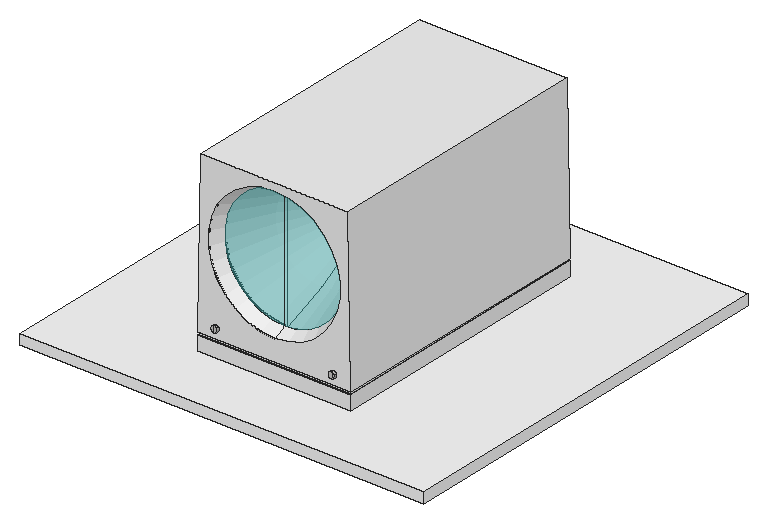
Revit family "BE_24582_de_DE", category Leuchten, Revit 2020
Family settings
  Basisbauteil = Fläche
  Bemaßung runder Anschluss = Durchmesser verwenden
  Teiletyp = Normal
  Beim Laden mit Abzugskörper schneiden = Ja
  Lichtquelle = Ja
  Gemeinsam genutzt = Nein
  Raumberechnungspunkt = Ja
Parameters (values of type "BEGA_24582_Weiß_K4")
  built-in parameter 1150104 = 12.443 (stored number, unit not read)
  Wattage = 16.5 W
  Default Elevation = 0 mm
  built-in parameter 1150113 = 1 (stored number, unit not read)
  built-in parameter 1114218 = 1 (stored number, unit not read)
  Umgebungstemperatur = "25 °C"
  URL = "https://www.bega.com/de/produkt/24582"
  Typenkommentare = "© 2022 BEGA. Wir behalten uns das Recht vor, technische Änderungen ohne vorherige Ankündigung vorzunehmen."  # constant formula
  Type Image = 24582.png
  built-in parameter 1150134 = 12
  built-in parameter 1150109 = 1 (stored number, unit not read)
  Strom = ""
  built-in parameter 1150110 = 1 (stored number, unit not read)
  Spannung = 239.996 V
  Sonderanfertigung = no
  Seriennummer [instance] = "Hier können Sie die eindeutige Seriennummer für das Facility Management eintragen."
  Schutzklasse = "I"
  Schutzart = "IP 64"
  Scheinlast = 0 VA
  Produktdatenblatt = "https://cdn.bega.com/bega/products/24582WK3/current/documents/data-sheets/de"
  Oberflächentemperatur = ""
  Neigungswinkel = 0.00°
  Modell = "24582WK4"
  Material_17 = BEGA_Reflektor
  Material_15 = BEGA_Leuchtmedium_matt
  Material_11 = BEGA_Glas_opal
  Material_09 = BEGA_Glas_klar
  Material_06 = BEGA_Oberfläche_Edelstahl_gebürstet
  Material_03 = BEGA_Oberfläche_Weiss_matt
  Material_02 = BEGA_Oberfläche_Silber_matt
  Material_01 [instance] = BEGA_Oberfläche_Grafit_matt
  M_W = yes
  M_G = no
  M_A = no
  Logo = 0
  built-in parameter 1114217 = 1 (stored number, unit not read)
  built-in parameter 1150139 = (empty or 0)
  built-in parameter 1150105 = 175.87 (stored number, unit not read)
  built-in parameter 1150114 = 1 (stored number, unit not read)
  Lumens = 2210.01 lm
  built-in parameter 1150115 = 1 (stored number, unit not read)
  Leuchtenlichtstrom = "1693 lm"
  Leuchtenanzahl = ""
  Lebensdauerkriterien = "L70B50 @ 25 °C = 200000 h"
  Lastklassifizierung = Beleuchtung
  built-in parameter 1150112 = 1 (stored number, unit not read)
  Lampenlichtstrom = "2265 lm"
  Lampe = "LED 16.4 W"
  LED_Modulbezeichnung = "LED-1187/840"
  built-in parameter 1150142 = (empty or 0)
  Hersteller = "BEGA"  # constant formula
  Halbstreuwinkel = ""
  Gewicht = "3.15 kg"
  Gebrauchslageneinschränkung [instance] = ""
  Frequenz = "0/50-60 Hz"
  Farbwiedergabeindex = "CRI > 80"
  Farbtemperaturverschiebung bei Dämpfen der Lampe = <Keine Auswahl>
  Farbtemperatur = "4000 K"
  Color Filter = 16777215
  built-in parameter 1150133 = 10 (stored number, unit not read)
  Energieeffizienzklasse = "LED A++ - A"
  built-in parameter 1150137 = (empty or 0)
  built-in parameter 1150132 = (empty or 0)
  ENEC = "ja"
  Dimmbar [instance] = "DALI"
  Datei für fotometrisches Netz = "BE_24582K4.IES"
  CE_Konformität = "ja"
  Bestellnummer = "24582WK4"
  Beschreibung_Sonderanfertigung = "Hier können Sie Informationen zur Sonderanfertigung eintragen."
  Beschreibung = "Wandleuchte"
  built-in parameter 1150106 = 1.7587 (stored number, unit not read)
  Befestigungsbohrung = "Ø 6 mm"
  Befestigungsabstand = "125 mm"
  Ballwurfsicher = ""
  BEGA_Intern_aus = yes
  BEGA_Intern_an = yes
  BEGA_Intern_Konstruktion = yes
  BEGA_Intern = yes
  BEGA_IES = yes
  BEGA_Dummy = no
  Anschlussleitung = ""
  Anschlussleistung [instance] = "19 W"
  built-in parameter 1150107 = 4000 (stored number, unit not read)
  built-in parameter 1150102 = (empty or 0)
  built-in parameter 1150138 = (empty or 0)
  Aktualisierung = "2022-05-18T04:00:07"
  Abstand_zur_angestrahlten_Fläche [instance] = ""
  AC/DC = "AC/DC"
Types (6, lengths in mm): name | built-in parameter 1150104 | built-in parameter 1150134 | Modell | M_W | M_G | M_A | built-in parameter 1150105 | Lumens | Leuchtenlichtstrom | Lampenlichtstrom | LED_Modulbezeichnung | Farbtemperatur | Datei für fotometrisches Netz | Bestellnummer | built-in parameter 1150106 | built-in parameter 1150107
  BEGA_24582_Silber_K3 | 11.824 (stored number, unit not read) | (empty or 0) | "24582AK3" | no | no | yes | 167.11 (stored number, unit not read) | 2099.95 lm | "1607 lm" | "2150 lm" | "LED-1187/830" | "3000 K" | "BE_24582K3.IES" | "24582AK3" | 1.6711 (stored number, unit not read) | 3000 (stored number, unit not read)
  BEGA_24582_Weiß_K4 | 12.443 (stored number, unit not read) | 12 | "24582WK4" | yes | no | no | 175.87 (stored number, unit not read) | 2210.01 lm | "1693 lm" | "2265 lm" | "LED-1187/840" | "4000 K" | "BE_24582K4.IES" | "24582WK4" | 1.7587 (stored number, unit not read) | 4000 (stored number, unit not read)
  BEGA_24582_Grafit_K4 | 12.443 (stored number, unit not read) | 12 | "24582K4" | no | yes | no | 175.87 (stored number, unit not read) | 2210.01 lm | "1693 lm" | "2265 lm" | "LED-1187/840" | "4000 K" | "BE_24582K4.IES" | "24582K4" | 1.7587 (stored number, unit not read) | 4000 (stored number, unit not read)
  BEGA_24582_Weiß_K3 | 11.824 (stored number, unit not read) | (empty or 0) | "24582WK3" | yes | no | no | 167.11 (stored number, unit not read) | 2099.95 lm | "1607 lm" | "2150 lm" | "LED-1187/830" | "3000 K" | "BE_24582K3.IES" | "24582WK3" | 1.6711 (stored number, unit not read) | 3000 (stored number, unit not read)
  BEGA_24582_Grafit_K3 | 11.824 (stored number, unit not read) | (empty or 0) | "24582K3" | no | yes | no | 167.11 (stored number, unit not read) | 2099.95 lm | "1607 lm" | "2150 lm" | "LED-1187/830" | "3000 K" | "BE_24582K3.IES" | "24582K3" | 1.6711 (stored number, unit not read) | 3000 (stored number, unit not read)
  BEGA_24582_Silber_K4 | 12.443 (stored number, unit not read) | 12 | "24582AK4" | no | no | yes | 175.87 (stored number, unit not read) | 2210.01 lm | "1693 lm" | "2265 lm" | "LED-1187/840" | "4000 K" | "BE_24582K4.IES" | "24582AK4" | 1.7587 (stored number, unit not read) | 4000 (stored number, unit not read)
Reference planes
  plane 1 "Mitte (Vorne/Hinten)": y = 0
  plane 2: z = 0
  plane 3 "Mitte (Links/Rechts)": x = 0
  plane 4 "Links": x = -75.806
  plane 5 "Rechts": x = 75.806
  plane 6 "Unten": y = -135.253
  plane 7 "Oben": y = 135.253
  plane 8 "Vorne": z = 175.5
  plane 9 "Hinten": z = 0
Forms (mm)
  Extrusion 1, solid, material "BEGA_Platte_Weiss"
    sketch origin (0, -1119.2, 0) x (1, 0, 0) y (0, 1, 0)
      loop
        line (-200, 1319.2) -> (-200, 919.2) -> (200, 919.2) -> (200, 1319.2) -> (-200, 1319.2)
    from 0 to -10
  Extrusion 2, solid, material "BEGA_Dummy_matt", visible <- "BEGA_Dummy"
    sketch origin (80.095, -76.023, 0) x (1, 0, 0) y (0, 1, 0)
      loop
        line (-155.902, 211.276) -> (-155.902, -59.23) -> (-4.289, -59.23) -> (-4.289, 211.276) -> (-155.902, 211.276)
    from 0 to 175.5
Dimensions and locks
  plane 1 "Mitte (Vorne/Hinten)" to Extrusion 1 = 200 mm
  aligned and locked: plane 2 to Extrusion 1
  aligned and locked: level to Extrusion 1
Nested families
  nested 1: "BE_24582" at (0, 0, 0) x (0, -1, 0) z (0, 0, 1), type "BE_24582"
Connectors
  electrical at (0, 0, 0), driven by "Lastklassifizierung", driven by "Spannung", driven by "Scheinlast"
    settings: index 1, voltage 239.996 V, apparent load 0 VA, apparent load phase1 0 VA, apparent load phase2 0 VA, apparent load phase3 0 VA, power factor 1, load classification "Beleuchtung", number of poles 1, system type 31, power factor state 1, is connector primary yes, connector utility no, sub classification motor no, connector description ""
Definition of nested family "BE_24582"
  Parameters (values of type "BE_24582")
    Default Elevation = 1 mm
    URL = "http://www.bega.de/de/produkt"
    Type Comments = "© 2015 BEGA. Wir behalten uns das Recht vor, technische Änderungen ohne vorherige Ankündigung vorzunehmen. "  # constant formula
    Type Image = (empty or 0)
    Material_17 = none
    Material_15 = none
    Material_11 = none
    Material_09 = none
    Material_06 = none
    Material_03 = none
    Material_02 = none
    Material_01 = none
    M_W = yes
    M_G = yes
    M_A = yes
    Länge_Platte = 300 mm  # constant formula
    Höhe_Platte = -10 mm  # constant formula
    Manufacturer = "BEGA"  # constant formula
    Breite_Platte = 200 mm  # constant formula
  Reference planes
    plane 1 "Mitte (Oben/Unten)": y = 0
    plane 2: z = 0
    plane 3 "Mitte (Links/Rechts)": x = 0
    plane 4 "Unten": y = -75.806
    plane 5: x = -135.253
    plane 6: x = 135.253
    plane 7: z = 175.5
    plane 8: y = 75.806
  Forms (mm)
    Extrusion 1, solid, detail levels medium
      sketch origin (0, 0, 0) x (1, 0, 0) y (0, 1, 0)
        loop
          line (-150, 100) -> (-150, -100) -> (150, -100) -> (150, 100) -> (-150, 100)
      from 0 to -10 <- "Höhe_Platte"
    Extrusion 2, solid, material <- "Material_01", visible <- "M_G", detail levels medium+fine
      sketch origin (0, 0, 0) x (1, 0, 0) y (0, 0, 1)
        loop
          line (135, 175.5) -> (-135, 175.5) -> (-135, 16.471) -> (-124.509, 16.471) -> (-124.509, 172.5) -> (122.759, 172.5) -> (122.759, 16.471) -> (135, 16.471) -> (135, 175.5)
      from -75.553 to 75.553
    Extrusion 3, solid, material <- "Material_01", visible <- "M_G", detail levels medium+fine
      sketch origin (0, 0, 0) x (0, 1, 0) y (0, 0, 1)
        loop
          line (-75.553, 175.5) -> (-75.553, 16.471) -> (-70.41, 16.471) -> (-70.41, 175.5) -> (-75.553, 175.5)
        loop
          line (75.553, 175.5) -> (70.41, 175.5) -> (70.41, 16.471) -> (75.553, 16.471) -> (75.553, 175.5)
      from -135 to 133
    Sweep 4, solid, material <- "Material_01", visible <- "M_G", detail levels medium+fine
      path in 3D
        loop
          line (135, 75.553, 175.5) -> (-135, 75.553, 175.5) -> (-135, -75.553, 175.5) -> (135, -75.553, 175.5) -> (135, 75.553, 175.5)
      profile origin (135, 0, 175.5) x (-1, 0, 0) y (0, 0, 1)
        loop
          line (0, -161) -> (-0.253, -175.5) -> (3.5, -175.5) -> (4.029, -160.346) -> (69.21, -160.346) -> (69.21, -156) -> (3.859, -156) -> (0.83, -159.029) -> (0.83, -161) -> (0, -161)
    Extrusion 5, solid, material <- "Material_01", visible <- "M_G", detail levels medium+fine
      sketch origin (0, 0, 0) x (1, 0, 0) y (0, 1, 0)
        loop
          line (65.79, 6.343) -> (-65.79, 6.343) -> (-65.79, -6.343) -> (65.79, -6.343) -> (65.79, 6.343)
      from 15.154 to 19.5
    Revolve 6, void
      sketch origin (0, 0, 0) x (1, 0, 0) y (0, 0, 1)
        loop
          line (122.074, 162.473) -> (122.074, 103) -> (135.914, 103) -> (135.914, 168.926) -> (122.074, 162.473)
        axis (122.074, 103) -> (135.914, 103)
      angle from 0 to 360
    Revolve 7, solid, material <- "Material_09", detail levels medium+fine
      sketch origin (253.559, 0, 0) x (1, 0, 0) y (0, 0, 1)
        loop
          line (-130.8, 168) -> (-134.8, 168) -> (-134.8, 102.998) -> (-130.8, 102.998) -> (-130.8, 168)
        axis (-134.8, 102.998) -> (-130.8, 102.998)
      angle from 0 to 360
    Revolve 8, solid, material <- "Material_17", detail levels medium+fine
      sketch origin (-5.687, 0, 0) x (-1, 0, 0) y (0, 0, 1)
        loop
          line (-43.461, 108.7) -> (-42.457, 108.674) -> (-43.5, 125.721)
          arc (-43.5, 125.721) -> (-81.904, 148.683) -> (-123.399, 165.425) r 288.248
          line (-123.399, 165.425) -> (-123.399, 170.811) -> (-124.446, 170.811) -> (-124.446, 164.823)
          arc (-124.446, 164.823) -> (-82.915, 148.125) -> (-44.47, 125.198) r 288.248
          line (-44.47, 125.198) -> (-43.461, 108.7)
        axis (-42.457, 102.974) -> (-124.446, 102.974)
      angle from 0 to 360
    Revolve 9, solid, material <- "Material_15", detail levels medium+fine
      sketch origin (74.883, 0, 0) x (1, 0, 0) y (0, 0, 1)
        loop
          line (-40.827, 97.976) -> (-39.967, 97.976) -> (-39.967, 102.976) -> (-40.827, 102.976) -> (-40.827, 97.976)
        axis (-40.827, 102.976) -> (-39.827, 102.976)
      angle from 0 to 360
    Revolve 10, solid, material <- "Material_06", detail levels fine
      sketch origin (0, -58, 0) x (1, 0, 0) y (0, 0, 1)
        loop
          line (137.141, 29.3) -> (135, 29.3) -> (135, 26.3) -> (137.141, 26.3) -> (137.141, 29.3)
        axis (135, 26.3) -> (137.141, 26.3)
      angle from 0 to 360
    Revolve 11, solid, material <- "Material_06", detail levels fine
      sketch origin (0, 58, 0) x (1, 0, 0) y (0, 0, -1)
        loop
          line (137.141, -29.3) -> (137.141, -26.3) -> (135, -26.3) -> (135, -29.3) -> (137.141, -29.3)
        axis (135, -26.3) -> (137.141, -26.3)
      angle from 0 to 360
    Sweep 12, solid, material <- "Material_02", visible <- "M_A", detail levels medium+fine
      path in 3D
        loop
          line (135, 75.553, 175.5) -> (-135, 75.553, 175.5) -> (-135, -75.553, 175.5) -> (135, -75.553, 175.5) -> (135, 75.553, 175.5)
      profile origin (135, 0, 175.5) x (-1, 0, 0) y (0, 0, 1)
        loop
          line (0, -161) -> (-0.253, -175.5) -> (3.5, -175.5) -> (4.029, -160.346) -> (69.21, -160.346) -> (69.21, -156) -> (3.859, -156) -> (0.83, -159.029) -> (0.83, -161) -> (0, -161)
    Extrusion 13, solid, material <- "Material_02", visible <- "M_A", detail levels medium+fine
      sketch origin (0, 0, 0) x (1, 0, 0) y (0, 1, 0)
        loop
          line (65.79, 6.343) -> (-65.79, 6.343) -> (-65.79, -6.343) -> (65.79, -6.343) -> (65.79, 6.343)
      from 15.154 to 19.5
    Sweep 14, solid, material <- "Material_03", visible <- "M_W", detail levels medium+fine
      path in 3D
        loop
          line (135, 75.553, 175.5) -> (-135, 75.553, 175.5) -> (-135, -75.553, 175.5) -> (135, -75.553, 175.5) -> (135, 75.553, 175.5)
      profile origin (135, 0, 175.5) x (-1, 0, 0) y (0, 0, 1)
        loop
          line (0, -161) -> (-0.253, -175.5) -> (3.5, -175.5) -> (4.029, -160.346) -> (69.21, -160.346) -> (69.21, -156) -> (3.859, -156) -> (0.83, -159.029) -> (0.83, -161) -> (0, -161)
    Extrusion 15, solid, material <- "Material_03", visible <- "M_W", detail levels medium+fine
      sketch origin (0, 0, 0) x (1, 0, 0) y (0, 1, 0)
        loop
          line (65.79, 6.343) -> (-65.79, 6.343) -> (-65.79, -6.343) -> (65.79, -6.343) -> (65.79, 6.343)
      from 15.154 to 19.5
    Extrusion 16, solid, material <- "Material_02", visible <- "M_A", detail levels medium+fine
      sketch origin (0, 0, 0) x (1, 0, 0) y (0, 0, 1)
        loop
          line (135, 175.5) -> (-135, 175.5) -> (-135, 16.471) -> (-124.509, 16.471) -> (-124.509, 172.5) -> (122.759, 172.5) -> (122.759, 16.471) -> (135, 16.471) -> (135, 175.5)
      from -75.553 to 75.553
    Extrusion 17, solid, material <- "Material_02", visible <- "M_A", detail levels medium+fine
      sketch origin (0, 0, 0) x (0, 1, 0) y (0, 0, 1)
        loop
          line (-75.553, 175.5) -> (-75.553, 16.471) -> (-70.41, 16.471) -> (-70.41, 175.5) -> (-75.553, 175.5)
        loop
          line (75.553, 175.5) -> (70.41, 175.5) -> (70.41, 16.471) -> (75.553, 16.471) -> (75.553, 175.5)
      from -135 to 133
    Extrusion 18, solid, material <- "Material_03", visible <- "M_W", detail levels medium+fine
      sketch origin (0, 0, 0) x (1, 0, 0) y (0, 0, 1)
        loop
          line (135, 175.5) -> (-135, 175.5) -> (-135, 16.471) -> (-124.509, 16.471) -> (-124.509, 172.5) -> (122.759, 172.5) -> (122.759, 16.471) -> (135, 16.471) -> (135, 175.5)
      from -75.553 to 75.553
    Extrusion 19, solid, material <- "Material_03", visible <- "M_W", detail levels medium+fine
      sketch origin (0, 0, 0) x (0, 1, 0) y (0, 0, 1)
        loop
          line (-75.553, 175.5) -> (-75.553, 16.471) -> (-70.41, 16.471) -> (-70.41, 175.5) -> (-75.553, 175.5)
        loop
          line (75.553, 175.5) -> (70.41, 175.5) -> (70.41, 16.471) -> (75.553, 16.471) -> (75.553, 175.5)
      from -135 to 133
    Extrusion 20, void
      sketch origin (0, 0, 0) x (1, 0, 0) y (0, 1, 0)
        loop
          circle (0, 62.5) r 2.895
        loop
          circle (0, -62.5) r 2.895
        loop
          circle (13, 42) r 8.5
        loop
          circle (-13, 42) r 8.5
      from 0 to 29
    Extrusion 21, void
      sketch origin (0, 0, 0) x (0, 1, 0) y (0, 0, 1)
        loop
          line (-75.553, 16.471) -> (-72.673, 181.446) -> (-75.553, 181.446) -> (-75.553, 16.471)
        loop
          line (75.553, 16.471) -> (75.553, 181.446) -> (72.673, 181.446) -> (75.553, 16.471)
      from -137 to 137.141
  Cuts and joins
    Revolve 6, Extrusion 20, Extrusion 21 cuts Extrusion 2
    Revolve 6, Extrusion 20, Extrusion 21 cuts Extrusion 3
    joined: Extrusion 2, Extrusion 3
    Extrusion 20 cuts Sweep 4
    Extrusion 20 cuts Extrusion 5
    joined: Sweep 4, Extrusion 5
    Extrusion 20 cuts Sweep 12
    Extrusion 20 cuts Extrusion 13
    joined: Sweep 12, Extrusion 13
    Extrusion 20 cuts Sweep 14
    Extrusion 20 cuts Extrusion 15
    joined: Sweep 14, Extrusion 15
    Revolve 6, Extrusion 20, Extrusion 21 cuts Extrusion 16
    Extrusion 20, Extrusion 21 cuts Extrusion 17
    joined: Extrusion 16, Extrusion 17
    Revolve 6, Extrusion 20, Extrusion 21 cuts Extrusion 18
    Extrusion 20, Extrusion 21 cuts Extrusion 19
    joined: Extrusion 18, Extrusion 19
  Lines and regions (mm)
    sketch lines
      curve 1: line (135, -75.553, 175.5) -> (135, 75.553, 175.5)
      curve 2: line (-135, 75.553, 175.5) -> (135, 75.553, 175.5)
      curve 3: line (-135, -75.553, 175.5) -> (-135, 75.553, 175.5)
      curve 4: line (135, -75.553, 175.5) -> (-135, -75.553, 175.5)
      curve 5: line (135, -75.553, 175.5) -> (135, 75.553, 175.5)
      curve 6: line (-135, 75.553, 175.5) -> (135, 75.553, 175.5)
      curve 7: line (-135, -75.553, 175.5) -> (-135, 75.553, 175.5)
      curve 8: line (135, -75.553, 175.5) -> (-135, -75.553, 175.5)
      curve 9: line (135, -75.553, 175.5) -> (135, 75.553, 175.5)
      curve 10: line (-135, 75.553, 175.5) -> (135, 75.553, 175.5)
      curve 11: line (-135, -75.553, 175.5) -> (-135, 75.553, 175.5)
      curve 12: line (135, -75.553, 175.5) -> (-135, -75.553, 175.5)
  Dimensions and locks
    equal spacing: Extrusion 1 sketch curve, plane 3 "Mitte (Links/Rechts)", Extrusion 1 sketch curve
    equal spacing: Extrusion 1 sketch curve, plane 1 "Mitte (Oben/Unten)", Extrusion 1 sketch curve
    "Länge_Platte": Extrusion 1 sketch curve to Extrusion 1 sketch curve
    "Breite_Platte": Extrusion 1 sketch curve to Extrusion 1 sketch curve
    aligned and locked: Extrusion 1 to plane 2
    aligned and locked: level to Extrusion 1
  Automatic sketch dimensions
    level to Extrusion 3 sketch curve = 16.471 mm  (x2)
    plane 1 "Mitte (Oben/Unten)" to Extrusion 3 sketch curve = 75.553 mm
    Extrusion 3 sketch curve to Extrusion 3 sketch curve = 5.144 mm  (x2)
    Extrusion 3 sketch curve to plane 1 "Mitte (Oben/Unten)" = 70.41 mm
    Sweep 4 sketch curve to profile plane = 0 mm
    profile plane to Sweep 4 sketch curve = 0.253 mm
    Sweep 4 sketch curve to profile plane = 0.83 mm
    Sweep 4 sketch curve to profile plane = 3.5 mm
    Sweep 4 sketch curve to profile plane = 3.859 mm
    Sweep 4 sketch curve to Sweep 4 sketch curve = 3.199 mm
    Sweep 4 sketch curve to Sweep 4 sketch curve = 65.181 mm
    Sweep 4 sketch curve to profile plane = 175.5 mm
    Sweep 4 sketch curve to Sweep 4 sketch curve = 14.5 mm
    Sweep 4 sketch curve to Sweep 4 sketch curve = 15.154 mm
    Sweep 4 sketch curve to Sweep 4 sketch curve = 1.971 mm
    Sweep 4 sketch curve to Sweep 4 sketch curve = 3.029 mm
    plane 1 "Mitte (Oben/Unten)" to Extrusion 5 sketch curve = 6.343 mm
    Extrusion 5 sketch curve to plane 3 "Mitte (Links/Rechts)" = 65.79 mm
    plane 3 "Mitte (Links/Rechts)" to Extrusion 5 sketch curve = 65.79 mm
    Extrusion 5 sketch curve to plane 1 "Mitte (Oben/Unten)" = 6.343 mm
    Revolve 6 sketch curve to Revolve 6 sketch curve = 13.839 mm
    Revolve 6 sketch curve to Revolve 6 sketch curve = 59.473 mm
    Revolve 6 sketch curve to Revolve 6 sketch curve = 6.453 mm
    Revolve 6 sketch curve to Revolve 6 sketch curve = 0 mm  (x3)
    Revolve 7 sketch curve to Revolve 7 sketch curve = 4 mm
    Revolve 7 sketch curve to Revolve 7 sketch curve = 0 mm  (x3)
    Revolve 8 sketch curve to Revolve 8 sketch curve = 0.708 mm
    Revolve 8 sketch curve to Revolve 8 sketch curve = 1.047 mm
    Revolve 8 sketch curve to plane 3 "Mitte (Links/Rechts)" = 38.782 mm
    Revolve 8 sketch curve to Revolve 8 sketch curve = 0.97 mm
    Revolve 8 sketch curve to Revolve 8 sketch curve = 1.009 mm
    Revolve 8 sketch curve to Revolve 8 sketch curve = 1.003 mm
    Revolve 8 sketch curve to Revolve 8 sketch curve = 5.387 mm
    Revolve 8 sketch curve to Revolve 8 sketch curve = 0.601 mm
    Revolve 8 sketch curve to Revolve 8 sketch curve = 39.704 mm
    Revolve 8 sketch curve to Revolve 8 sketch curve = 0.523 mm
    Revolve 8 sketch curve to Revolve 8 sketch curve = 16.498 mm
    Revolve 8 sketch curve to Revolve 8 sketch curve = 0.026 mm
    Revolve 8 sketch curve to Revolve 8 sketch curve = 5.775 mm
    Revolve 8 sketch curve to Revolve 8 sketch curve = 10.293 mm
    Revolve 8 sketch curve to Revolve 8 sketch curve = 5.726 mm
    plane 3 "Mitte (Links/Rechts)" to Revolve 9 sketch curve = 34.056 mm
    Revolve 9 sketch curve to Revolve 9 sketch curve = 0.86 mm
    level to Revolve 9 sketch curve = 97.976 mm
    Revolve 9 sketch curve to Revolve 9 sketch curve = 5 mm
    Revolve 9 sketch curve to Revolve 9 sketch curve = 0 mm  (x3)
    level to Revolve 10 sketch curve = 26.3 mm
    Revolve 10 sketch curve to Revolve 10 sketch curve = 2.141 mm
    Revolve 10 sketch curve to Revolve 10 sketch curve = 3 mm
    Revolve 10 sketch curve to Revolve 10 sketch curve = 0 mm  (x3)
    level to Revolve 11 sketch curve = 26.3 mm
    Revolve 11 sketch curve to Revolve 11 sketch curve = 2.141 mm
    Revolve 11 sketch curve to Revolve 11 sketch curve = 3 mm
    Revolve 11 sketch curve to Revolve 11 sketch curve = 0 mm  (x3)
    Extrusion 2 sketch curve to Extrusion 2 sketch curve = 10.491 mm
    Extrusion 2 sketch curve to Extrusion 2 sketch curve = 12.241 mm
    level to Extrusion 2 sketch curve = 16.471 mm  (x2)
    Sweep 12 sketch curve to profile plane = 0 mm
    profile plane to Sweep 12 sketch curve = 0.253 mm
    Sweep 12 sketch curve to profile plane = 0.83 mm
    Sweep 12 sketch curve to profile plane = 3.5 mm
    Sweep 12 sketch curve to profile plane = 3.859 mm
    Sweep 12 sketch curve to Sweep 12 sketch curve = 3.199 mm
    Sweep 12 sketch curve to Sweep 12 sketch curve = 65.181 mm
    Sweep 12 sketch curve to profile plane = 175.5 mm
    Sweep 12 sketch curve to Sweep 12 sketch curve = 14.5 mm
    Sweep 12 sketch curve to Sweep 12 sketch curve = 15.154 mm
    Sweep 12 sketch curve to Sweep 12 sketch curve = 1.971 mm
    Sweep 12 sketch curve to Sweep 12 sketch curve = 3.029 mm
    plane 1 "Mitte (Oben/Unten)" to Extrusion 13 sketch curve = 6.343 mm
    Extrusion 13 sketch curve to plane 3 "Mitte (Links/Rechts)" = 65.79 mm
    plane 3 "Mitte (Links/Rechts)" to Extrusion 13 sketch curve = 65.79 mm
    Extrusion 13 sketch curve to plane 1 "Mitte (Oben/Unten)" = 6.343 mm
    Sweep 14 sketch curve to profile plane = 0 mm
    profile plane to Sweep 14 sketch curve = 0.253 mm
    Sweep 14 sketch curve to profile plane = 0.83 mm
    Sweep 14 sketch curve to profile plane = 3.5 mm
    Sweep 14 sketch curve to profile plane = 3.859 mm
    Sweep 14 sketch curve to Sweep 14 sketch curve = 3.199 mm
    Sweep 14 sketch curve to Sweep 14 sketch curve = 65.181 mm
    Sweep 14 sketch curve to profile plane = 175.5 mm
    Sweep 14 sketch curve to Sweep 14 sketch curve = 14.5 mm
    Sweep 14 sketch curve to Sweep 14 sketch curve = 15.154 mm
    Sweep 14 sketch curve to Sweep 14 sketch curve = 1.971 mm
    Sweep 14 sketch curve to Sweep 14 sketch curve = 3.029 mm
    plane 1 "Mitte (Oben/Unten)" to Extrusion 15 sketch curve = 6.343 mm
    Extrusion 15 sketch curve to plane 3 "Mitte (Links/Rechts)" = 65.79 mm
    plane 3 "Mitte (Links/Rechts)" to Extrusion 15 sketch curve = 65.79 mm
    Extrusion 15 sketch curve to plane 1 "Mitte (Oben/Unten)" = 6.343 mm
    Extrusion 16 sketch curve to Extrusion 16 sketch curve = 10.491 mm
    Extrusion 16 sketch curve to Extrusion 16 sketch curve = 12.241 mm
    level to Extrusion 16 sketch curve = 16.471 mm  (x2)
    level to Extrusion 17 sketch curve = 16.471 mm  (x2)
    plane 1 "Mitte (Oben/Unten)" to Extrusion 17 sketch curve = 75.553 mm
    Extrusion 17 sketch curve to Extrusion 17 sketch curve = 5.144 mm  (x2)
    Extrusion 17 sketch curve to plane 1 "Mitte (Oben/Unten)" = 70.41 mm
    Extrusion 18 sketch curve to Extrusion 18 sketch curve = 10.491 mm
    Extrusion 18 sketch curve to Extrusion 18 sketch curve = 12.241 mm
    level to Extrusion 18 sketch curve = 16.471 mm  (x2)
    level to Extrusion 19 sketch curve = 16.471 mm  (x2)
    plane 1 "Mitte (Oben/Unten)" to Extrusion 19 sketch curve = 75.553 mm
    Extrusion 19 sketch curve to Extrusion 19 sketch curve = 5.144 mm  (x2)
    Extrusion 19 sketch curve to plane 1 "Mitte (Oben/Unten)" = 70.41 mm
    Extrusion 20 sketch curve to plane 3 "Mitte (Links/Rechts)" = 0 mm  (x2)
    Extrusion 20 sketch curve to plane 3 "Mitte (Links/Rechts)" = 13 mm
    plane 3 "Mitte (Links/Rechts)" to Extrusion 20 sketch curve = 13 mm
    plane 1 "Mitte (Oben/Unten)" to Extrusion 20 sketch curve = 62.5 mm
    Extrusion 20 sketch curve to plane 1 "Mitte (Oben/Unten)" = 42 mm
    Extrusion 20 sketch curve to Extrusion 20 sketch curve = 0 mm
    Extrusion 20 sketch curve to Extrusion 20 sketch curve = 20.5 mm
    level to Extrusion 21 sketch curve = 16.471 mm  (x2)
    plane 1 "Mitte (Oben/Unten)" to Extrusion 21 sketch curve = 75.553 mm
    Extrusion 21 sketch curve to Extrusion 21 sketch curve = 2.88 mm
    Extrusion 21 sketch curve to plane 1 "Mitte (Oben/Unten)" = 72.673 mm
    Extrusion 21 sketch curve to plane 1 "Mitte (Oben/Unten)" = 75.553 mm
    Extrusion 2 sketch curve to plane 3 "Mitte (Links/Rechts)" = 124.509 mm
    Extrusion 16 sketch curve to plane 3 "Mitte (Links/Rechts)" = 124.509 mm
    Extrusion 18 sketch curve to plane 3 "Mitte (Links/Rechts)" = 124.509 mm
    plane 3 "Mitte (Links/Rechts)" to Extrusion 2 sketch curve = 122.759 mm
    plane 3 "Mitte (Links/Rechts)" to Revolve 6 sketch curve = 122.074 mm
    plane 3 "Mitte (Links/Rechts)" to Revolve 7 sketch curve = 118.759 mm
    Revolve 8 sketch curve to Revolve 8 sketch curve = 78.929 mm
    plane 3 "Mitte (Links/Rechts)" to Revolve 10 sketch curve = 135 mm
    plane 3 "Mitte (Links/Rechts)" to Revolve 11 sketch curve = 135 mm
    plane 3 "Mitte (Links/Rechts)" to Extrusion 16 sketch curve = 122.759 mm
    plane 3 "Mitte (Links/Rechts)" to Extrusion 18 sketch curve = 122.759 mm
    Revolve 8 sketch curve to plane 3 "Mitte (Links/Rechts)" = 204.49 mm
    level to Revolve 8 sketch curve = 110.159 mm
    Extrusion 2 sketch curve to plane 7 = 0 mm
    plane 7 to Extrusion 2 sketch curve = 3 mm
    plane 7 to Extrusion 3 sketch curve = 0 mm  (x2)
    plane 7 to Revolve 6 sketch curve = 72.5 mm
    plane 7 to Revolve 7 sketch curve = 72.502 mm
    plane 7 to Revolve 7 sketch curve = 7.5 mm
    Extrusion 16 sketch curve to plane 7 = 0 mm
    plane 7 to Extrusion 16 sketch curve = 3 mm
    plane 7 to Extrusion 17 sketch curve = 0 mm  (x2)
    Extrusion 18 sketch curve to plane 7 = 0 mm
    plane 7 to Extrusion 18 sketch curve = 3 mm
    plane 7 to Extrusion 19 sketch curve = 0 mm  (x2)
    Extrusion 21 sketch curve to plane 7 = 5.946 mm  (x2)
    radius of Extrusion 20 sketch curve = 2.895 mm  (x2)
    radius of Extrusion 20 sketch curve = 8.5 mm  (x2)
